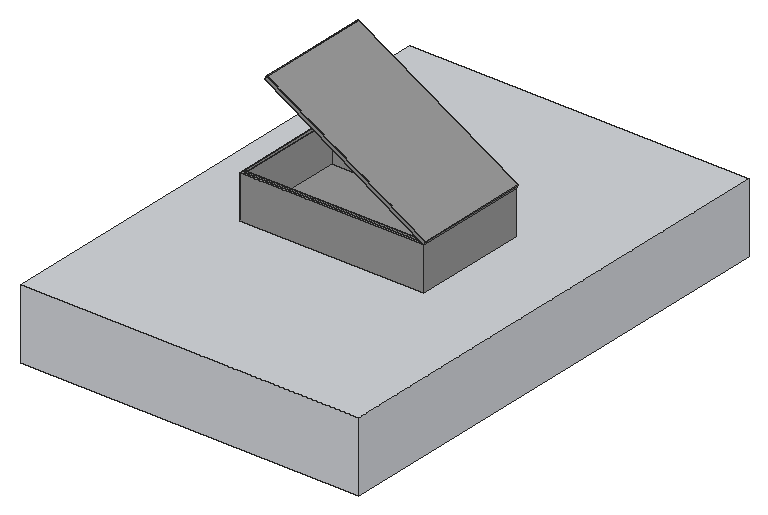
Revit family "Hager-Univers-IP54-D205-H500-Cl.II-Encl-DE-de", category Equipement électrique, Revit 2020
Family settings
  Hôte = Face
  Configuration du panneau = Deux colonnes, circuits au sein
  Cote de connecteur circulaire = Utiliser le diamètre
  Type d'élément = Tableau de raccordement
  Couper avec des vides une fois chargée = Non
  Partagée = Non
  Point de calcul de pièce = Non
Parameters (values of type "Aufputz IP54 B800 H500 T205  - FP33SW2")
  Width Control [instance] = if([EF000008 - Breite] > Min Width, [EF000008 - Breite], Min Width)  # 800 mm
  Commentaires du type = [HG000003 - Bereich]  # "Univers"
  Thickness Door [instance] = if([EF009171 - Materialstärke Tür/Deckel] > 3 mm, 3 mm, [EF009171 - Materialstärke Tür/Deckel])  # 1 mm
  Seal Frame Offset [instance] = 17 mm  # constant formula
  Plinth Visibility [instance] = [HG000027 - Sockelhöhe] > 0 mm  # no
  Model = ""
  Min Width [instance] = 100 mm  # constant formula
  Min Height [instance] = 100 mm  # constant formula
  Min Depth [instance] = (2 * [EF009170 - Materialstärke Gehäuse]) + 1 mm  # 3 mm
  Internal Frame Depth [instance] = (Door System Depth * 0.5)  # 9 mm
  Height Control [instance] = if([EF000040 - Höhe] > Min Height, [EF000040 - Höhe], Min Height)  # 500 mm
  HG000027 - Sockelhöhe = 0 mm
  HG000026 - Stehend auf dem Boden = no
  HG000024 - Höhe des unteren Teils = 800 mm
  HG000023 - Gehäuse mit doppeltem Querschnitt = no
  HG000016 - 3D-Türsichtbarkeit [instance] = yes
  HG000015 - Sichtbarkeit der Türöffnung [instance] = no
  HG000014 - Tür rechts [instance] = yes
  HG000013 - Tür links [instance] = not([HG000014 - Tür rechts])  # no
  HG000012 - Türschwenkwinkel [instance] = 30.00°
  HG000010 - Asymmetrische Türen = no
  HG000009 - Doppelflügeligen Tür = no
  HG000006 - Unterputz = no
  HG000004 - Herstellerreferenz = "FP33SW2"
  HG000003 - Bereich = "Univers"
  HG000002 - Mit tür = yes
  Frame Offset Bottom [instance] = 10 mm  # constant formula
  Frame Offset [instance] = 15 mm  # constant formula
  EF015940 - Deckel mit Überdruckentlastung = no
  EF011959 - Schutzart (NEMA) = ""
  EF009554 - Anzahl der Öffnungen für Flanschplatten = 6
  Fabricant = "Hager"  # constant formula
  EF009212 - Ausführung Deckel = "EV000116 - geschlossen"
  EF009171 - Materialstärke Tür/Deckel = 1 mm
  EF009170 - Materialstärke Gehäuse = 1 mm
  EF008873 - Nennstrom (In) = 250 A
  EF007800 - Geeignet für Blitzschutz = no
  EF006306 - Mit Schloss = no
  EF006244 - Transparenter Deckel/Tür = no
  EF005474 - Schutzart (IP) = "EV006419 - IP54"
  EF004464 - Art der Tür = "EV002646 - Einzel"
  EF004427 - Anzahl der Module = 108
  EF004293 - Schlagfestigkeit = "EV006815 - IK09"
  EF003532 - Geeignet für Außengebrauch = no
  EF002950 - Breite in Teilungseinheiten = 36
  EF001613 - Funktionserhalt = "EV000494 - ohne"
  EF001596 - Werkstoff des Gehäuses = "EV000179 - Stahl"
  EF001131 - Innentiefe = 143 mm
  EF001088 - Anbaumöglichkeit = yes
  EF000437 - Anzahl der Leitungseinführungen = 6
  EF000339 - Art der Abdeckung = "EV001012 - Deckel"
  EF000266 - Anzahl der Reihen = 3
  EF000218 - Einbautiefe = 205 mm
  EF000118 - Mit Montageplatte = no
  EF000116 - RAL-Nummer = "9010"
  EF000049 - Tiefe = 205 mm
  EF000040 - Höhe = 500 mm
  EF000008 - Breite = 800 mm
  EF000007 - Farbe = "EV000202 - weiß"
  EF000003 - Montageart = "EV000384 - Aufputz"
  Door System Leaf Tolerance [instance] = 1.5 mm  # constant formula
  Door System Depth [instance] = 18 mm  # constant formula
  Door Height [instance] = Height Control - [HG000027 - Sockelhöhe]  # 500 mm
  Depth Control [instance] = if([EF000049 - Tiefe] > Min Depth, [EF000049 - Tiefe], Min Depth)  # 205 mm
  Default Elevation = 0 mm
  Connector Offset [instance] = Height Control / 2  # 250 mm
  Bottom Top Plate Trim [instance] = 1.5 mm  # constant formula
  Plinth height Ctrl [instance] = if([HG000027 - Sockelhöhe] > 0 mm, [HG000027 - Sockelhöhe], 12 mm)  # 12 mm
Types (5, lengths in mm): name | Width Control | HG000010 - Asymmetrische Türen | HG000009 - Doppelflügeligen Tür | HG000004 - Herstellerreferenz | EF009554 - Anzahl der Öffnungen für Flanschplatten | EF004464 - Art der Tür | EF004427 - Anzahl der Module | EF002950 - Breite in Teilungseinheiten | EF000437 - Anzahl der Leitungseinführungen | EF000008 - Breite
  Aufputz IP54 B1050 H500 T205  - FP34SW2 | 1050 | no | yes | "FP34SW2" | 8 | "EV003602 - Doppel" | 144 | 48 | 8 | 1050
  Aufputz IP54 B1300 H500 T205  - FP35SW2 | 1300 | yes | yes | "FP35SW2" | 10 | "EV003602 - Doppel" | 180 | 60 | 10 | 1300
  Aufputz IP54 B300 H500 T205  - FP31SW2 | 300 | no | no | "FP31SW2" | 2 | "EV002646 - Einzel" | 36 | 12 | 2 | 300
  Aufputz IP54 B550 H500 T205  - FP32SW2 | 550 | no | no | "FP32SW2" | 4 | "EV002646 - Einzel" | 72 | 24 | 4 | 550
  Aufputz IP54 B800 H500 T205  - FP33SW2 | 800 | no | no | "FP33SW2" | 6 | "EV002646 - Einzel" | 108 | 36 | 6 | 800
Reference planes
  plane 1 "Center (Front/Back)": y = 0
  plane 2: z = 0
  plane 3 "Center (Left/Right)": x = 0
  plane 4: z = 205
  plane 5: y = 1
  plane 6: y = 250
  plane 7: y = 0
  plane 8: y = 500
  plane 9: z = 0
  plane 10: x = -385
  plane 11: x = 385
  plane 12: x = 384
  plane 13: x = -384
  plane 14: y = 499
  plane 15: x = -383
  plane 16: x = -400
  plane 17: x = 383
  plane 18: x = 400
  plane 19: x = 399
  plane 20: x = -399
  plane 21: y = 11
  plane 22: y = 500
  plane 23: y = 484
  plane 24: z = 187
  plane 25: z = 1
  plane 26: z = 186
  plane 27: z = 204
Forms (mm)
  Extrusion 1, solid
    sketch origin (0, 0, 0) x (1, 0, 0) y (0, 1, 0)
      loop
        line (-702.964, 1305) -> (-702.964, -811.445) -> (766.763, -811.445) -> (766.763, 1305) -> (-702.964, 1305)
    from 0 to -304.8
  Extrusion 2, solid, material "Hager_Steel_RAL7035_Light_Grey", visible <- "Plinth Visibility", detail levels medium+fine
    sketch origin (0, 0, 0) x (1, 0, 0) y (0, 1, 0)
      loop
        line (-400, 0) -> (400, 0) -> (400, 12) -> (-400, 12) -> (-400, 0)
    from 0 to 187
  Extrusion 3, solid, material "Hager_Steel_RAL7035_Light_Grey", detail levels medium+fine
    sketch origin (0, 0, 0) x (1, 0, 0) y (0, 1, 0)
      loop
        line (-400, 0) -> (400, 0) -> (400, 500) -> (-400, 500) -> (-400, 0)
    from 0 to 187
  Extrusion 4, void
    sketch origin (0, 0, 0) x (1, 0, 0) y (0, 1, 0)
      loop
        line (-399, 1) -> (399, 1) -> (399, 499) -> (-399, 499) -> (-399, 1)
    from 1 to 186
  Extrusion 5, void
    sketch origin (-381.607, -4572, 187) x (0, -1, 0) y (-1, 0, 0)
      loop
        line (-4583, 2.393) -> (-5056, 2.393) -> (-5056, -765.607) -> (-4583, -765.607) -> (-4583, 2.393)
    from 0 to 1 <- "EF009170 - Materialstärke Gehäuse"
  Extrusion 6, solid, material "Hager_Steel_RAL7035_Light_Grey", detail levels fine
    sketch origin (0, 0, 187) x (1, 0, 0) y (0, 1, 0)
      loop
        line (-384, 484) -> (-384, 11) -> (384, 11) -> (384, 484) -> (-384, 484)
      loop
        line (-385, 10) -> (385, 10) -> (385, 485) -> (-385, 485) -> (-385, 10)
    from 0 to 9 <- "Internal Frame Depth"
  Extrusion 7, solid, material "Hager_Steel_RAL7035_Light_Grey", detail levels coarse
    sketch origin (0, 0, 0) x (1, 0, 0) y (0, 1, 0)
      loop
        line (-400, 0) -> (400, 0) -> (400, 500) -> (-400, 500) -> (-400, 0)
    from 0 to 205
  Sweep 8, void
    path in 3D
      loop
        line (-400, 12, 0) -> (400, 12, 0) -> (400, 12, 187) -> (-400, 12, 187) -> (-400, 12, 0)
    profile origin (-400, 12, 93.5) x (-1, 0, 0) y (0, -1, 0)
      loop
        line (0, 0) -> (0, 1.5) -> (-1.5, 1.5)
        arc (-1.5, 1.5) -> (-1.061, 0.439) -> (0, 0) r 1.5
Cuts and joins
  Extrusion 4, Extrusion 5 cuts Extrusion 3
  Sweep 8 cuts Extrusion 2
Lines and regions (mm)
  Masking region 1
    outline origin (0, 0, 0) x (1, 0, 0) y (0, 0, 1)
      loop
        line (-400, 205) -> (-400, 0) -> (400, 0) -> (400, 205) -> (-400, 205)
  Masking region 2, detail levels medium+fine
    outline origin (0, 140, 0) x (0, 1, 0) y (0, 0, 1)
      loop
        line (-140, 0) -> (360, 0) -> (360, 187) -> (-140, 187) -> (-140, 0)
  Masking region 3, not visible, detail levels medium+fine
    outline origin (0, 297.922, 0) x (0, 1, 0) y (0, 0, 1)
      loop
        line (-36.422, 0) -> (3.578, 0) -> (3.578, 194)
        arc (3.578, 194) -> (0.649, 201.071) -> (-6.422, 204) r 10
        line (-6.422, 204) -> (-36.422, 204) -> (-36.422, 0)
  Masking region 4, detail levels coarse
    outline origin (0, 0, 180) x (0, 1, 0) y (0, 0, 1)
      loop
        line (0, -180) -> (500, -180) -> (500, 25) -> (0, 25) -> (0, -180)
  Masking region 5, visible <- "Plinth Visibility", detail levels medium+fine
    outline origin (0, 52.24, 12.345) x (0, 0, -1) y (0, 1, 0)
      loop
        line (10.845, -40.24) -> (-173.155, -40.24)
        arc (-173.155, -40.24) -> (-173.594, -41.301) -> (-174.655, -41.74) r 1.5
        line (-174.655, -41.74) -> (-174.655, -52.24) -> (12.345, -52.24) -> (12.345, -41.74)
        arc (12.345, -41.74) -> (11.285, -41.301) -> (10.845, -40.24) r 1.5
  Masking region 6, detail levels medium+fine
    outline origin (-381.607, -4572, 187) x (-1, 0, 0) y (0, -1, 0)
      loop
        line (18.393, -5072) -> (18.393, -4572) -> (-781.607, -4572) -> (-781.607, -5072) -> (18.393, -5072)
  Masking region 7, visible <- "Plinth Visibility", detail levels medium+fine
    outline origin (-381.607, -4727, 187) x (-1, 0, 0) y (0, -1, 0)
      loop
        arc (16.893, -4739) -> (17.332, -4737.939) -> (18.393, -4737.5) r 1.5
        line (18.393, -4737.5) -> (18.393, -4727) -> (-781.607, -4727) -> (-781.607, -4737.5)
        arc (-781.607, -4737.5) -> (-780.546, -4737.939) -> (-780.107, -4739) r 1.5
        line (-780.107, -4739) -> (16.893, -4739)
  Masking region 8, detail levels coarse
    outline origin (-442.548, -4669.526, 187) x (-1, 0, 0) y (0, -1, 0)
      loop
        line (-42.548, -5169.526) -> (-42.548, -4669.526) -> (-842.548, -4669.526) -> (-842.548, -5169.526) -> (-42.548, -5169.526)
  sketch lines
    curve 1: line (-400, 12, 187) -> (-400, 12, 0)
    curve 2: line (400, 12, 187) -> (-400, 12, 187)
    curve 3: line (400, 12, 187) -> (400, 12, 0)
    curve 4: line (-400, 12, 0) -> (400, 12, 0)
Dimensions and locks
  "Depth Control": plane 4 to Extrusion 1
  "HG000027 - Sockelhöhe": plane 1 "Center (Front/Back)" to plane 7
  "EF009170 - Materialstärke Gehäuse": plane 5 to plane 7
  locked: connector elem to plane 3 "Center (Left/Right)"
  equal spacing: plane 8, plane 6, plane 7
  locked: connector elem to plane 6
  "EF009170 - Materialstärke Gehäuse": plane 8 to plane 14
  "EF009170 - Materialstärke Gehäuse": plane 10 to plane 13
  "EF009170 - Materialstärke Gehäuse": plane 12 to plane 11
  "Frame Offset": plane 20 to plane 13
  "Frame Offset": plane 12 to plane 19
  "EF009170 - Materialstärke Gehäuse": plane 16 to plane 20
  "EF009170 - Materialstärke Gehäuse": plane 19 to plane 18
  "Seal Frame Offset": plane 16 to plane 15
  "Seal Frame Offset": plane 17 to plane 18
  "Frame Offset Bottom": plane 21 to plane 5
  "Frame Offset": plane 14 to plane 23
  equal spacing: plane 16, plane 3 "Center (Left/Right)", plane 18
  "Width Control": plane 16 to plane 18
  "EF009170 - Materialstärke Gehäuse": plane 4 to plane 27
  "EF009170 - Materialstärke Gehäuse": plane 24 to plane 26
  "EF009170 - Materialstärke Gehäuse": plane 25 to level
  "Door System Depth": plane 4 to plane 24
  "Height Control": plane 1 "Center (Front/Back)" to Extrusion 7 sketch curve
  "Height Control": Masking region 4 sketch curve to plane 1 "Center (Front/Back)"
  "Height Control": plane 1 "Center (Front/Back)" to plane 22
  "Bottom Top Plate Trim": profile plane to Sweep 8 sketch curve
  "Bottom Top Plate Trim": Sweep 8 sketch curve to profile plane
  "Plinth height Ctrl": plane 1 "Center (Front/Back)" to Extrusion 2 sketch curve
  "Plinth height Ctrl": Masking region 5 sketch curve to plane 1 "Center (Front/Back)"
  "Plinth height Ctrl": plane 1 "Center (Front/Back)" to Masking region 7 sketch curve
  "Thickness Door": Extrusion 6 sketch curve to Extrusion 6 sketch curve  (x3)
  "Thickness Door": cut or joined group of Extrusion 3, Extrusion 4, Extrusion 5 to Extrusion 6 sketch curve
  radius of Masking region 3 sketch curve = 10 mm
  "Bottom Top Plate Trim": radius of Masking region 5 sketch curve  (x2)
  "Bottom Top Plate Trim": radius of Sweep 8 sketch curve
  "Bottom Top Plate Trim": radius of Masking region 7 sketch curve  (x2)
  aligned and locked: plane 2 to Extrusion 1
  aligned and locked: level to Extrusion 1
  aligned and locked: level to Masking region 1 sketch curve
  aligned and locked: Masking region 1 sketch curve to plane 18
  aligned and locked: Masking region 1 sketch curve to plane 16
  aligned and locked: plane 7 to Masking region 2 sketch curve
  aligned and locked: level to Masking region 3 sketch curve
  aligned and locked: Masking region 3 sketch curve to plane 27
  aligned and locked: level to Masking region 2 sketch curve
  aligned and locked: plane 1 "Center (Front/Back)" to Extrusion 2 sketch curve
  aligned and locked: Extrusion 3 sketch curve to plane 7
  aligned and locked: plane 16 to Extrusion 3 sketch curve
  aligned and locked: plane 18 to Extrusion 3 sketch curve
  aligned and locked: plane 20 to Extrusion 4 sketch curve
  aligned and locked: plane 19 to Extrusion 4 sketch curve
  aligned and locked: Extrusion 4 sketch curve to plane 5
  aligned and locked: Extrusion 4 to plane 25
  aligned and locked: plane 26 to Extrusion 4
  aligned and locked: plane 24 to Extrusion 3
  aligned and locked: Extrusion 5 sketch curve to plane 21
  aligned and locked: Extrusion 5 sketch curve to plane 13
  aligned and locked: Extrusion 5 sketch curve to plane 12
  aligned and locked: plane 18 to Extrusion 7 sketch curve
  aligned and locked: plane 1 "Center (Front/Back)" to Extrusion 7 sketch curve
  aligned and locked: plane 16 to Extrusion 7 sketch curve
  aligned and locked: plane 4 to Extrusion 7
  aligned and locked: Extrusion 7 to level
  aligned and locked: level to Masking region 4 sketch curve
  aligned and locked: Masking region 4 sketch curve to plane 1 "Center (Front/Back)"
  aligned and locked: Masking region 4 sketch curve to plane 4
  aligned and locked: nested 1 to level
  aligned and locked: nested 1 to plane 16
  aligned and locked: plane 8 to Extrusion 3 sketch curve
  aligned and locked: plane 23 to Extrusion 5 sketch curve
  aligned and locked: plane 14 to Extrusion 4 sketch curve
  aligned and locked: Masking region 2 sketch curve to plane 8
  aligned and locked: level to Masking region 5 sketch curve
  aligned and locked: plane 16 to Extrusion 2 sketch curve
  aligned and locked: plane 18 to Extrusion 2 sketch curve
  aligned and locked: Masking region 5 sketch curve to plane 24
  aligned and locked: Masking region 2 sketch curve to plane 24
  aligned and locked: plane 24 to Extrusion 2
  aligned and locked: profile plane to Sweep 8 sketch curve  (x2)
  aligned and locked: Masking region 6 sketch curve to plane 18
  aligned and locked: Masking region 6 sketch curve to plane 22
  aligned and locked: Masking region 6 sketch curve to plane 16
  aligned and locked: plane 8 to plane 22
  aligned and locked: Masking region 6 sketch curve to plane 7
  aligned and locked: Masking region 7 sketch curve to plane 16
  aligned and locked: Masking region 7 sketch curve to plane 1 "Center (Front/Back)"
  aligned and locked: Masking region 7 sketch curve to plane 18
  aligned and locked: Masking region 8 sketch curve to plane 1 "Center (Front/Back)"
  aligned and locked: Masking region 8 sketch curve to plane 18
  aligned and locked: Masking region 8 sketch curve to plane 22
  aligned and locked: Masking region 8 sketch curve to plane 16
  aligned and locked: nested 2 to plane 7
  aligned and locked: plane 3 "Center (Left/Right)" to nested 2
  aligned and locked: nested 2 to plane 24
  aligned and locked: Extrusion 6 sketch curve to cut or joined group of Extrusion 3, Extrusion 4, Extrusion 5  (x4)
Automatic sketch dimensions
  Extrusion 1 sketch curve to Extrusion 1 sketch curve = 1469.727 mm
  Extrusion 1 sketch curve to Extrusion 1 sketch curve = 2116.445 mm
  Masking region 1 sketch curve to plane 4 = 0 mm
  plane 6 to Masking region 3 sketch curve = 11.5 mm
  Masking region 3 sketch curve to Masking region 3 sketch curve = 30 mm
  Masking region 5 sketch curve to plane 1 "Center (Front/Back)" = 0 mm
Nested families
  nested 1: "Hager_Enclosure_Symbol" at (-400, 0, 0) x (1, 0, 0) z (0, -1, 0), Height <- "Depth Control", Width <- "Width Control", type "Hager_Enclosure_Symbol"
    with Width_Ctrl 800 mm, Width 800 mm, Height_Ctrl 205 mm, Height 205 mm, A_Width_Int 13.453 mm, A_Width 161.438 mm, A_Height_Ctrl 179.375 mm, A_Height 179.375 mm
  nested 2: "EC000058_Univers_Door" at (0, 0, 187) x (1, 0, 0) z (0, 1, 0), Leaf_Tolerance <- "Door System Leaf Tolerance", Angle <- "HG000012 - Türschwenkwinkel", Door_Depth <- "Door System Depth", Door_Left <- "HG000013 - Tür links", Transparent <- "EF006244 - Transparenter Deckel/Tür", Assymetrical <- "HG000010 - Asymmetrische Türen", Width <- "Width Control", Clearance <- "HG000015 - Sichtbarkeit der Türöffnung", Double <- "HG000009 - Doppelflügeligen Tür", 3d_Door <- "HG000016 - 3D-Türsichtbarkeit", Lock_Visibility <- "EF006306 - Mit Schloss", Width_Ctrl <- "Width Control", Door_Right <- "HG000014 - Tür rechts", Door <- "HG000002 - Mit tür", Height <- "Door Height", Thickness <- "Thickness Door", type "EC000058_Univers_Door", detail levels medium+fine
    with min_wh 3 mm, Width_Ctrl 800 mm, Width 800 mm, Transparent no, Thickness 1 mm, Seal_Material Hager_Rubber, Lock_Visibility no, Lock_Material Hager_Plastic_RAL9005_Jet_Black, Leaf_Width 800 mm, Leaf_Tolerance_External_Sides 0 mm, Leaf_Tolerance 1.5 mm, Leaf_Offset 0 mm, Leaf_Height 497 mm, Leaf_2_Width 800 mm, Leaf_2_Offset 400 mm, Leaf_1_Width 800 mm, Leaf_1_Offset 400 mm, Height_Ctrl 500 mm, Height 500 mm, Glass_Material Hager_Glass, Double_Clearance_Ctrl no, Double no, Door_Right_Ctrl yes, Door_Right yes, Door_Material Hager_Steel_RAL7035_Light_Grey, Door_Left_Ctrl no, Door_Left no, Door_Depth 18 mm, Door yes, Clearance_Material Hager_Clearance, Clearance_Depth 800 mm, Clearance_Ctrl no, Clearance no, Assymetrical no, Angle 30.00°, 3d_Door yes
Connectors
  electrical at (0, 250, 0)
    settings: on plane 9, index 1, voltage 0 V, apparent load 0 VA, apparent load phase1 0 VA, apparent load phase2 0 VA, apparent load phase3 0 VA, power factor 1, load classification "Other", number of poles 1, system type 30, power factor state 1, is connector primary yes, connector utility no, sub classification motor no, connector description ""
Definition of nested family "EC000058_Univers_Door"
  Parameters (values of type "EC000058_Univers_Door")
    min_wh [instance] = (2 * Thickness) + 1 mm  # 11 mm
    Width_Ctrl [instance] = 400 mm
    Width [instance] = 500 mm
    Transparent [instance] = yes
    Thickness [instance] = 5 mm
    Seal_Material [instance] = none
    Lock_Visibility [instance] = yes
    Lock_Material [instance] = none
    Leaf_Width [instance] = if((Width_Ctrl - 2 * Leaf_Tolerance_External_Sides) > 0 mm, (Width_Ctrl - 2 * Leaf_Tolerance_External_Sides), min_wh)  # 400 mm
    Leaf_Tolerance_External_Sides [instance] = 0 mm  # constant formula
    Leaf_Tolerance [instance] = 1.5 mm
    Leaf_Offset [instance] = 0 mm  # constant formula
    Leaf_Height [instance] = if((Height_Ctrl - 2 * Leaf_Tolerance) > 0 mm, (Height_Ctrl - 2 * Leaf_Tolerance), min_wh)  # 497 mm
    Leaf_2_Width [instance] = if(and(and(Double, Assymetrical), Door_Left), (Leaf_Width / 3) - (Leaf_Tolerance / 2), if(and(and(Double, Assymetrical), Door_Right), (Leaf_Width / 3) * 2 - (Leaf_Tolerance / 2), if(and(Double, not(Assymetrical)), (Leaf_Width / 2) - Leaf_Tolerance, Leaf_Width)))  # 400 mm
    Leaf_2_Offset [instance] = if(and(Double, Assymetrical), Leaf_2_Width / 2, if(and(Double, not(Assymetrical)), Leaf_Width / 4, Leaf_Width / 2))  # 200 mm
    Leaf_1_Width [instance] = if(and(and(Double, Assymetrical), Door_Right), (Leaf_Width / 3) - (Leaf_Tolerance / 2), if(and(and(Double, Assymetrical), Door_Left), (Width / 3) * 2 - (Leaf_Tolerance / 2), if(and(Double, not(Assymetrical)), (Leaf_Width / 2) - Leaf_Tolerance, Leaf_Width)))  # 400 mm
    Leaf_1_Offset [instance] = if(and(Double, Assymetrical), Leaf_1_Width / 2, if(and(Double, not(Assymetrical)), Leaf_Width / 4, Leaf_Width / 2))  # 200 mm
    Height_Ctrl [instance] = if(Height > min_wh, Height, min_wh)  # 500 mm
    Height [instance] = 500 mm
    Glass_Material [instance] = none
    Double_Clearance_Ctrl [instance] = and(Double, Clearance)  # no
    Double [instance] = no
    Door_Right_Ctrl [instance] = and(or(Door_Right, Double), Door)  # yes
    Door_Right [instance] = yes
    Door_Material [instance] = none
    Door_Left_Ctrl [instance] = and(or(Door_Left, Double), Door)  # no
    Door_Left [instance] = no
    Door_Depth [instance] = 30 mm
    Door [instance] = yes
    Default Elevation = 1219.2 mm
    Clearance_Material [instance] = none
    Clearance_Depth [instance] = if(Leaf_1_Width > Leaf_2_Width, Leaf_1_Width, Leaf_2_Width)  # 400 mm
    Clearance_Ctrl [instance] = and(not(Double), Clearance)  # yes
    Clearance [instance] = yes
    Assymetrical [instance] = yes
    Angle [instance] = 30.00°
    3d_Door [instance] = yes
  Reference planes
    plane 1 "Center (Front/Back)": y = 0
    plane 2 "Bottom": z = 0
    plane 3 "Center (Left/Right)": x = 0
    plane 4: z = 500
    plane 5: x = -200
    plane 6: x = 200
    plane 7: z = 500
    plane 8: x = -200
    plane 9: z = 0
    plane 10: x = 200
    plane 11: y = 0
    plane 12: z = 1.5
    plane 13: x = -600
    plane 14: y = -400
    plane 15: x = 600
    plane 16: x = 0
    plane 17: x = 0
    plane 18: x = -200
    plane 19: x = 200
    plane 20: z = 498.5
  Forms (mm)
    Extrusion 1, solid, material <- "Clearance_Material", visible <- "Double_Clearance_Ctrl"
      sketch origin (1200, 0, 0) x (1, 0, 0) y (0, 0, -1)
        loop
          line (-1800, -498.5) -> (-600, -498.5) -> (-600, 0) -> (-1800, 0) -> (-1800, -498.5)
      from 0 to -400
  Dimensions and locks
    equal spacing: plane 5, plane 3 "Center (Left/Right)", plane 6
    "Width_Ctrl": plane 5 to plane 6
    "Leaf_Offset": plane 5 to plane 8
    "Leaf_Offset": plane 6 to plane 10
    "Leaf_Offset": plane 9 to level
    "Leaf_Offset": plane 4 to plane 7
    "Height_Ctrl": plane 4 to level
    "Leaf_Tolerance": plane 12 to plane 9
    locked: plane 11 to plane 1 "Center (Front/Back)"
    "Leaf_1_Offset": plane 18 to plane 16
    "Leaf_2_Offset": plane 17 to plane 19
    "Leaf_1_Width": plane 13 to plane 8
    "Leaf_2_Width": plane 10 to plane 15
    "Clearance_Depth": plane 14 to plane 1 "Center (Front/Back)"
    "Leaf_Tolerance_External_Sides": plane 8 to plane 18
    "Leaf_Tolerance_External_Sides": plane 19 to plane 10
    "Leaf_Tolerance": plane 7 to plane 20
    aligned and locked: level to plane 2 "Bottom"
    aligned and locked: nested 1 to plane 16
    aligned and locked: nested 2 to plane 17
    aligned and locked: Extrusion 1 to plane 13
    aligned and locked: plane 15 to Extrusion 1
    aligned and locked: Extrusion 1 to plane 14
    aligned and locked: plane 12 to nested 1
    aligned and locked: nested 2 to plane 12
    aligned and locked: Extrusion 1 to plane 11
    aligned and locked: plane 20 to Extrusion 1
    aligned and locked: nested 2 to plane 11
    aligned and locked: nested 1 to plane 11
  Automatic sketch dimensions
    Extrusion 1 sketch curve to level = 0 mm
    plane 5 to Extrusion 1 sketch curve = 400 mm
    plane 6 to Extrusion 1 sketch curve = 400 mm
    Extrusion 1 sketch curve to plane 4 = 1.5 mm
  Nested families
    nested 1: "EC000058_Univers_Door_Leaf" at (0, 0, 1.5), Width <- "Leaf_1_Width", visible <- "Door_Left_Ctrl", Leaf_Height <- "Leaf_Height", Angle <- "Angle", 3d_Door <- "3d_Door", Transparent <- "Transparent", Clearance Material <- "Clearance_Material", Clearance <- "Clearance_Ctrl", Door_Material <- "Door_Material", Glass_Material <- "Glass_Material", Door_Depth <- "Door_Depth", Lock_Material <- "Lock_Material", Seal_Material <- "Seal_Material", Lock_Visibility <- "Lock_Visibility", Thickness <- "Thickness", type "EC000058_Univers_Door_Leaf"
      with Width 400 mm, Transparent_Glass_Offset 30 mm, Transparent_Ctrl yes, Transparent yes, Thickness 5 mm, Standard no, Seal_Material none, Seal_D2 8 mm, Seal_D1 1 mm, Offset_Internal_Frame 10 mm, Lock_Width 20 mm, Lock_Visibility_3d yes, Lock_Visibility yes, Lock_Thickness_3 3 mm, Lock_Thickness_2 1 mm, Lock_Thickness_1 3 mm, Lock_Radius_Offset_2 16 mm, Lock_Radius_Offset_1 15 mm, Lock_Radius_2 5 mm, Lock_Radius 6 mm, Lock_Offset 5 mm, Lock_Material none, Lock_Height 80 mm, Lock_Cover_Top_Offset_2d 17 mm, Lock_Cover_Height -65 mm, Leaf_Height 497 mm, Internal_Seal_Thickness 8 mm, Internal_Seal_Depth_2 4.5 mm, Internal_Frame_Depth 25 mm, Glass_Thickness -1 mm, Glass_Offset -2 mm, Glass_Material none, Door_Material none, Door_Depth 30 mm, Clearance Material none, Clearance yes, Angle_Ctrl 30.00°, Angle 30.00°, 3d_Door yes
    nested 2: "EC000058_Univers_Door_Leaf" at (0, 0, 1.5) x (-1, 0, 0) z (0, 0, 1), Width <- "Leaf_2_Width", visible <- "Door_Right_Ctrl", Leaf_Height <- "Leaf_Height", Angle <- "Angle", 3d_Door <- "3d_Door", Transparent <- "Transparent", Clearance Material <- "Clearance_Material", Clearance <- "Clearance_Ctrl", Door_Material <- "Door_Material", Glass_Material <- "Glass_Material", Door_Depth <- "Door_Depth", Lock_Material <- "Lock_Material", Seal_Material <- "Seal_Material", Lock_Visibility <- "Lock_Visibility", Thickness <- "Thickness", type "EC000058_Univers_Door_Leaf"
      with Width 400 mm, Transparent_Glass_Offset 30 mm, Transparent_Ctrl yes, Transparent yes, Thickness 5 mm, Standard no, Seal_Material none, Seal_D2 8 mm, Seal_D1 1 mm, Offset_Internal_Frame 10 mm, Lock_Width 20 mm, Lock_Visibility_3d yes, Lock_Visibility yes, Lock_Thickness_3 3 mm, Lock_Thickness_2 1 mm, Lock_Thickness_1 3 mm, Lock_Radius_Offset_2 16 mm, Lock_Radius_Offset_1 15 mm, Lock_Radius_2 5 mm, Lock_Radius 6 mm, Lock_Offset 5 mm, Lock_Material none, Lock_Height 80 mm, Lock_Cover_Top_Offset_2d 17 mm, Lock_Cover_Height -65 mm, Leaf_Height 497 mm, Internal_Seal_Thickness 8 mm, Internal_Seal_Depth_2 4.5 mm, Internal_Frame_Depth 25 mm, Glass_Thickness -1 mm, Glass_Offset -2 mm, Glass_Material none, Door_Material none, Door_Depth 30 mm, Clearance Material none, Clearance yes, Angle_Ctrl 30.00°, Angle 30.00°, 3d_Door yes
  Definition of nested family "EC000058_Univers_Door_Leaf"
    Parameters (values of type "EC000058_Univers_Door_Leaf")
      Width [instance] = 2000 mm
      Transparent_Glass_Offset [instance] = 30 mm
      Transparent_Ctrl [instance] = and(Transparent, [3d_Door])  # yes
      Transparent [instance] = yes
      Thickness [instance] = 5 mm
      Standard [instance] = and(not(Transparent), [3d_Door])  # no
      Seal_Material [instance] = none
      Seal_D2 [instance] = 8 mm  # constant formula
      Seal_D1 [instance] = 1 mm  # constant formula
      Offset_Internal_Frame [instance] = 10 mm  # constant formula
      Lock_Width [instance] = 20 mm  # constant formula
      Lock_Visibility_3d [instance] = and(Lock_Visibility, [3d_Door])  # yes
      Lock_Visibility [instance] = yes
      Lock_Thickness_3 [instance] = 3 mm  # constant formula
      Lock_Thickness_2 [instance] = 1 mm  # constant formula
      Lock_Thickness_1 [instance] = 3 mm  # constant formula
      Lock_Radius_Offset_2 [instance] = Lock_Radius_Offset_1 + 1 mm  # 16 mm
      Lock_Radius_Offset_1 [instance] = 15 mm  # constant formula
      Lock_Radius_2 [instance] = Lock_Radius - 1 mm  # 5 mm
      Lock_Radius [instance] = 6 mm  # constant formula
      Lock_Offset [instance] = 5 mm  # constant formula
      Lock_Material [instance] = none
      Lock_Height [instance] = 80 mm  # constant formula
      Lock_Cover_Top_Offset_2d [instance] = Lock_Radius_Offset_2 + 1 mm  # 17 mm
      Lock_Cover_Height [instance] = -(Lock_Height - Lock_Radius_Offset_1)  # -65 mm
      Leaf_Height [instance] = 2720.336 mm
      Internal_Seal_Thickness [instance] = 8 mm  # constant formula
      Internal_Seal_Depth_2 [instance] = 4.5 mm  # constant formula
      Internal_Frame_Depth [instance] = if(Door_Depth - Thickness > 5 mm, Door_Depth - Thickness, 5 mm)  # 25 mm
      Glass_Thickness [instance] = if(Thickness > 15 mm, Glass_Offset + 10 mm, -1 mm)  # -1 mm
      Glass_Offset [instance] = if(Thickness > 15 mm, -(Thickness + 10 mm) / 2, -2 mm)  # -2 mm
      Glass_Material [instance] = none
      Door_Material [instance] = none
      Door_Depth [instance] = 30 mm
      Default Elevation = 0 mm
      Clearance Material [instance] = none
      Clearance [instance] = yes
      Angle_Ctrl [instance] = if(Angle > 180.00°, 180.00°, Angle)  # 90.00°
      Angle [instance] = 90.00°
      3d_Door [instance] = yes
    Reference planes
      plane 1 "Center (Front/Back)": y = 0
      plane 2: z = 0
      plane 3 "Center (Left/Right)": x = 0
      plane 4: y = 2000
      plane 5: x = -1000
      plane 6: x = 1000
      plane 7: x = -3000
      plane 8: z = 2720.336
      plane 9: z = 30
      plane 10: z = 2690.336
      plane 11: x = 970
      plane 12: x = -970
      plane 13: y = -3
      plane 14: z = 107.833
      plane 15: y = -5
      plane 16: y = -223.314
      plane 17: x = -1000
      plane 18: z = 1360.168
      plane 19: y = 30
    Forms (mm)
      Extrusion 1, solid, material <- "Clearance Material", visible <- "Clearance"
        sketch origin (0, 0, 0) x (1, 0, 0) y (0, 0, 1)
          loop
            line (-3000, 2720.336) -> (-3000, 0) -> (1000, 0) -> (1000, 2720.336) -> (-3000, 2720.336)
        from 0 to -2000
      Extrusion 2, solid, material <- "Door_Material", visible <- "Standard", detail levels medium+fine
        sketch origin (-1000, 0, 0) x (0, 1, 0) y (-1, 0, 0)
          loop
            line (0, 30) -> (0, 25) -> (2000, 25) -> (2000, 30) -> (0, 30)
        from 0 to 2720.336 <- "Leaf_Height"
      Extrusion 3, solid, material <- "Door_Material", visible <- "Transparent_Ctrl", detail levels medium+fine
        sketch origin (-1000, 0, 0) x (0, 1, 0) y (-1, 0, 0)
          loop
            line (0, 25) -> (2000, 25) -> (2000, 30) -> (0, 30) -> (0, 25)
        from 0 to 2720.336 <- "Leaf_Height"
      Extrusion 4, void
        sketch origin (-1025, 2000, 0) x (0, 1, 0) y (0, 0, -1)
          loop
            line (-30, -2690.336) -> (-30, -30) -> (-1970, -30) -> (-1970, -2690.336) -> (-30, -2690.336)
        from 0 to 5 <- "Thickness"
      Sweep 5, solid, material <- "Seal_Material", visible <- "Transparent_Ctrl", detail levels fine
        path in 3D
          loop
            line (-1025, 30, 30) -> (-1025, 30, 2690.336) -> (-1025, 1970, 2690.336) -> (-1025, 1970, 30) -> (-1025, 30, 30)
        profile origin (-1025, 1000, 30) x (1, 0, 0) y (0, 0, 1)
          loop
            line (0, 0) -> (0, -8) -> (1, -8) -> (1, 0) -> (0, 0)
      Extrusion 6, solid, material <- "Glass_Material", visible <- "Transparent_Ctrl", detail levels medium+fine
        sketch origin (-1030, 0, 0) x (0, 1, 0) y (0, 0, -1)
          loop
            line (1970, -2690.336) -> (1970, -30) -> (30, -30) -> (30, -2690.336) -> (1970, -2690.336)
        from -2 <- "Glass_Offset" to -1 <- "Glass_Thickness"
      Extrusion 7, solid, material <- "Door_Material", visible <- "3d_Door", detail levels medium+fine
        sketch origin (-1025, 2000, 0) x (0, -1, 0) y (0, 0, -1)
          loop
            line (0, -2720.336) -> (2000, -2720.336) -> (2000, 0) -> (0, 0) -> (0, -2720.336)
          loop
            line (1995, -5) -> (5, -5) -> (5, -2715.336) -> (1995, -2715.336) -> (1995, -5)
        from 0 to 25 <- "Internal_Frame_Depth"
      Sweep 8, solid, material <- "Seal_Material", visible <- "Transparent_Ctrl", detail levels fine
        path in 3D
          loop
            line (-1025, 0, 0) -> (-1025, 2000, 0) -> (-1025, 2000, 2720.336) -> (-1025, 0, 2720.336) -> (-1025, 0, 0)
        profile origin (-1025, 0, 1360.168) x (1, 0, 0) y (0, 1, 0)
          loop
            line (0, 10) -> (2.975, 10)
            arc (2.975, 10) -> (4.053, 10.447) -> (4.5, 11.525) r 1.525
            line (4.5, 11.525) -> (4.5, 16.527)
            arc (4.5, 16.527) -> (4.069, 17.569) -> (3.027, 18) r 1.473
            line (3.027, 18) -> (0, 18) -> (0, 10)
      Extrusion 9, solid, material <- "Lock_Material", visible <- "Lock_Visibility_3d", detail levels fine
        sketch origin (-1030, 0, 0) x (0, 1, 0) y (0, 0, -1)
          loop
            arc (1993.5, -1400.168) -> (1994.561, -1399.729) -> (1995, -1398.668) r 1.5
            line (1995, -1398.668) -> (1995, -1320.168) -> (1975, -1320.168) -> (1975, -1398.668)
            arc (1975, -1398.668) -> (1975.439, -1399.729) -> (1976.5, -1400.168) r 1.5
            line (1976.5, -1400.168) -> (1993.5, -1400.168)
        from 3 <- "Lock_Thickness_1" to 0
      Blend 10, solid, material <- "Lock_Material", visible <- "Lock_Visibility_3d", detail levels fine
        base sketch origin (-1033, 0, 0) x (0, 1, 0) y (0, 0, -1)
          loop
            line (1975, -1320.168) -> (1975, -1398.668)
            arc (1975, -1398.668) -> (1975.439, -1399.729) -> (1976.5, -1400.168) r 1.5
            line (1976.5, -1400.168) -> (1993.5, -1400.168)
            arc (1993.5, -1400.168) -> (1994.561, -1399.729) -> (1995, -1398.668) r 1.5
            line (1995, -1398.668) -> (1995, -1320.168) -> (1975, -1320.168)
        top sketch origin (-1033, 0, 0) x (0, 1, 0) y (0, 0, -1)
          loop
            line (1976, -1320.168) -> (1976, -1398.668)
            arc (1976, -1398.668) -> (1976.146, -1399.022) -> (1976.5, -1399.168) r 0.5
            line (1976.5, -1399.168) -> (1993.5, -1399.168)
            arc (1993.5, -1399.168) -> (1993.854, -1399.022) -> (1994, -1398.668) r 0.5
            line (1994, -1398.668) -> (1994, -1320.168) -> (1976, -1320.168)
        from 0 to 1 <- "Lock_Thickness_2"
      Blend 11, solid, material <- "Lock_Material", visible <- "Lock_Visibility_3d", detail levels fine
        base sketch origin (-1034, 0, 0) x (0, 1, 0) y (0, 0, -1)
          loop
            line (1978, -1320.168) -> (1978, -1384.168)
            arc (1978, -1384.168) -> (1985, -1391.168) -> (1992, -1384.168) r 7
            line (1992, -1384.168) -> (1992, -1320.168) -> (1978, -1320.168)
        top sketch origin (-1034, 0, 0) x (0, 1, 0) y (0, 0, -1)
          loop
            line (1991, -1320.168) -> (1979, -1320.168) -> (1979, -1383.168)
            arc (1979, -1383.168) -> (1985, -1389.168) -> (1991, -1383.168) r 6
            line (1991, -1383.168) -> (1991, -1320.168)
        from 0 to 3 <- "Lock_Thickness_3"
      Extrusion 12, solid, material <- "Lock_Material", visible <- "Lock_Visibility_3d", detail levels fine
        sketch origin (-1030, 1975, 1320.168) x (1, 0, 0) y (0, -1, 0)
          loop
            line (-7, -19) -> (-7, -1) -> (0, -1) -> (0, 0) -> (-8, 0) -> (-8, -20) -> (0, -20) -> (0, -19) -> (-7, -19)
        from 0 to -65 <- "Lock_Cover_Height"
      Extrusion 13, void
        sketch origin (-1038, 1995, 1320.168) x (-1, 0, 0) y (0, 0, -1)
          loop
            line (-5, -65) -> (0, -65) -> (-5, -60) -> (-5, -65)
        from 0 to 20 <- "Lock_Width"
      Extrusion 14, void
        sketch origin (-1038, 1975, 1320.168) x (0, -1, 0) y (0, 0, -1)
          loop
            circle (-10, -15.995) r 6
          loop
            circle (-10, -15.995) r 5
        from 0 to 2
      Extrusion 15, solid, material <- "Lock_Material", visible <- "Lock_Visibility_3d", detail levels medium
        sketch origin (-1030, 0, 0) x (0, 1, 0) y (0, 0, -1)
          loop
            arc (1993.5, -1400.168) -> (1994.561, -1399.729) -> (1995, -1398.668) r 1.5
            line (1995, -1398.668) -> (1995, -1320.168) -> (1975, -1320.168) -> (1975, -1398.668)
            arc (1975, -1398.668) -> (1975.439, -1399.729) -> (1976.5, -1400.168) r 1.5
            line (1976.5, -1400.168) -> (1993.5, -1400.168)
        from 8 to 0
    Cuts and joins
      Extrusion 4 cuts Extrusion 3
      Extrusion 13, Extrusion 14 cuts Extrusion 9
      Extrusion 14 cuts Blend 11
      Extrusion 13, Extrusion 14 cuts Extrusion 12
      joined: Extrusion 9, Blend 10, Blend 11, Extrusion 12
      Extrusion 14 cuts Extrusion 15
    Lines and regions (mm)
      Masking region 1, visible <- "Lock_Visibility", detail levels fine
        outline origin (0, 0, 0) x (0, 1, 0) y (0, 0, 1)
          loop
            line (30, 1320.168) -> (33, 1320.168) -> (33, 1400.168) -> (30, 1400.168) -> (30, 1320.168)
      Masking region 2, visible <- "Lock_Visibility", detail levels fine
        outline origin (0, 3.143, 0) x (0, 1, 0) y (0, 0, 1)
          loop
            line (29.857, 1354.168) -> (30.857, 1354.168) -> (30.857, 1366.168) -> (29.857, 1366.168) -> (29.857, 1354.168)
      Masking region 3, detail levels medium+fine
        outline origin (0, 0, 0) x (0, 1, 0) y (0, 0, 1)
          loop
            line (0, 0) -> (30, 0) -> (30, 2720.336) -> (0, 2720.336) -> (0, 0)
      Masking region 4, detail levels medium+fine
        outline origin (0, 0, 0) x (1, 0, 0) y (0, 0, 1)
          loop
            line (-1000, 2720.336) -> (-1000, 0) -> (1000, 0) -> (1000, 2720.336) -> (-1000, 2720.336)
      Masking region 5, visible <- "Lock_Visibility", detail levels fine
        outline origin (-47.116, 0, 0) x (1, 0, 0) y (0, 0, 1)
          loop
            arc (1024.616, 1399.168) -> (1023.556, 1398.729) -> (1023.116, 1397.668) r 1.5
            line (1023.116, 1397.668) -> (1023.116, 1320.168) -> (1041.116, 1320.168) -> (1041.116, 1397.668)
            arc (1041.116, 1397.668) -> (1040.677, 1398.729) -> (1039.616, 1399.168) r 1.5
            line (1039.616, 1399.168) -> (1024.616, 1399.168)
      Masking region 6, visible <- "Lock_Visibility", detail levels medium+fine
        outline origin (-25, 0, 0) x (1, 0, 0) y (0, 0, 1)
          loop
            arc (1001.5, 1400.168) -> (1000.439, 1399.729) -> (1000, 1398.668) r 1.5
            line (1000, 1398.668) -> (1000, 1320.168) -> (1020, 1320.168) -> (1020, 1398.668)
            arc (1020, 1398.668) -> (1019.561, 1399.729) -> (1018.5, 1400.168) r 1.5
            line (1018.5, 1400.168) -> (1001.5, 1400.168)
      Masking region 7, visible <- "Lock_Visibility", detail levels fine
        outline origin (-73.735, 0, 0) x (1, 0, 0) y (0, 0, 1)
          loop
            line (1051.735, 1382.168) -> (1065.735, 1382.168) -> (1065.735, 1384.168)
            arc (1065.735, 1384.168) -> (1058.735, 1391.168) -> (1051.735, 1384.168) r 7
            line (1051.735, 1384.168) -> (1051.735, 1382.168)
      Masking region 8, visible <- "Lock_Visibility", detail levels fine
        outline origin (-73.735, 0, 0) x (1, 0, 0) y (0, 0, 1)
          loop
            line (1052.735, 1382.168) -> (1064.735, 1382.168) -> (1064.735, 1383.168)
            arc (1064.735, 1383.168) -> (1058.735, 1389.168) -> (1052.735, 1383.168) r 6
            line (1052.735, 1383.168) -> (1052.735, 1382.168)
      Masking region 9, visible <- "Lock_Visibility", detail levels fine
        outline origin (-25, 0, 0) x (1, 0, 0) y (0, 0, 1)
          loop
            line (1020, 1320.168) -> (1020, 1382.168) -> (1000, 1382.168) -> (1000, 1320.168) -> (1020, 1320.168)
      Masking region 10, detail levels medium+fine
        outline origin (0, 0, 0) x (1, 0, 0) y (0, 0, 1)
          loop
            circle (985, 1335.144) r 6
      Masking region 11, detail levels fine
        outline origin (0, 0, 0) x (1, 0, 0) y (0, 0, 1)
          loop
            circle (985, 1335.144) r 5
      Masking region 12, visible <- "Lock_Visibility", detail levels fine
        outline origin (0, 12.767, 0) x (0, 1, 0) y (0, 0, 1)
          loop
            line (20.233, 1320.168) -> (21.233, 1320.168) -> (21.233, 1399.168) -> (20.233, 1400.168) -> (20.233, 1320.168)
      Masking region 13, visible <- "Lock_Visibility", detail levels fine
        outline origin (0, 13.767, -10) x (0, 1, 0) y (0, 0, 1)
          loop
            line (20.233, 1330.168) -> (23.233, 1330.168) -> (23.233, 1399.168) -> (20.233, 1402.168) -> (20.233, 1330.168)
      Masking region 14, visible <- "Lock_Visibility", detail levels fine
        outline origin (0, 12.767, -10) x (0, 1, 0) y (0, 0, 1)
          loop
            line (20.233, 1330.168) -> (25.233, 1330.168) -> (25.233, 1399.305) -> (20.233, 1394.305) -> (20.233, 1330.168)
      Masking region 15, visible <- "Lock_Visibility", detail levels medium
        outline origin (0, 0, 0) x (0, 1, 0) y (0, 0, 1)
          loop
            line (30, 1320.168) -> (38, 1320.168) -> (38, 1400.168) -> (30, 1400.168) -> (30, 1320.168)
      Masking region 16, visible <- "Lock_Visibility", detail levels fine
        outline origin (-1000, 0, 0) x (0, 1, 0) y (-1, 0, 0)
          loop
            line (1975, 30) -> (1995, 30) -> (1995, 38) -> (1975, 38) -> (1975, 30)
          loop
            line (1979, 37) -> (1976, 37) -> (1976, 34) -> (1978, 34) -> (1979, 37)
          loop
            line (1994, 37) -> (1991, 37) -> (1992, 34) -> (1994, 34) -> (1994, 37)
      Masking region 17, visible <- "Lock_Visibility", detail levels medium
        outline origin (-1000, 0, 0) x (0, 1, 0) y (-1, 0, 0)
          loop
            line (1975, 30) -> (1995, 30) -> (1995, 38) -> (1975, 38) -> (1975, 30)
      symbolic lines
        curve 1: line (1000, 0, 0) -> (-3000, 0, 0)
        curve 2: arc (1000, 0, 0) -> (-1000, 2000, 0) -> (-3000, 0, 0) r 2000
        curve 4: line (-1030, 0, 0) -> (-1030, 2000, 0)
      reference lines
        curve 3: line (-1000, 0, 0) -> (-1000, 2000, 0)
      symbolic lines, detail levels medium+fine
        curve 5: line (-1030, 2000, 0) -> (-1025, 2000, 0)
        curve 7: line (-1025, 0, 0) -> (-1030, 0, 0)
        curve 8: line (-1025, 0, 0) -> (-1000, 0, 0)
        curve 9: line (-1000, 0, 0) -> (-1000, 2000, 0)
        curve 10: line (-1000, 2000, 0) -> (-1025, 2000, 0)
      symbolic lines, detail levels fine
        curve 6: line (-1025, 2000, 0) -> (-1025, 0, 0)
      sketch lines
        curve 11: line (-1025, 0, 2720.336) -> (-1025, 0, 0)
        curve 12: line (-1025, 2000, 0) -> (-1025, 0, 0)
        curve 13: line (-1025, 2000, 2720.336) -> (-1025, 2000, 0)
        curve 14: line (-1025, 0, 2720.336) -> (-1025, 2000, 2720.336)
        curve 15: line (-1025, 1970, 30) -> (-1025, 30, 30)
        curve 16: line (-1025, 30, 30) -> (-1025, 30, 2690.336)
        curve 17: line (-1025, 1970, 2690.336) -> (-1025, 1970, 30)
        curve 18: line (-1025, 30, 2690.336) -> (-1025, 1970, 2690.336)
      symbolic lines, visible <- "Transparent", detail levels medium+fine
        curve 19: line (-970, 0, 2690.336) -> (970, 0, 2690.336)
        curve 20: line (-970, 0, 30) -> (-970, 0, 2690.336)
        curve 21: line (970, 0, 30) -> (-970, 0, 30)
        curve 22: line (970, 0, 2690.336) -> (970, 0, 30)
    Dimensions and locks
      "Width": plane 1 "Center (Front/Back)" to plane 4
      equal spacing: plane 5, plane 3 "Center (Left/Right)", plane 6
      "Width": plane 5 to plane 6
      "Width": plane 7 to plane 5
      "Leaf_Height": plane 8 to level
      "Width": curve 5 to curve 3
      "Width": curve 3 to curve 3
      plane 8 to plane 10 = 30 mm
      plane 9 to level = 30 mm
      plane 12 to plane 5 = 30 mm
      plane 6 to plane 11 = 30 mm
      Extrusion 1 to Extrusion 4 sketch curve = 30 mm
      "Transparent_Glass_Offset": curve 3 to Extrusion 4 sketch curve
      "Transparent_Glass_Offset": Extrusion 4 sketch curve to cut or joined group of Extrusion 3, Extrusion 4  (x2)
      cut or joined group of Extrusion 3, Extrusion 4 to Extrusion 6 sketch curve = 30 mm
      "Transparent_Glass_Offset": cut or joined group of Extrusion 3, Extrusion 4 to Extrusion 4 sketch curve
      "Thickness": curve 6 to curve 4
      "Thickness": Extrusion 7 sketch curve to Extrusion 7 sketch curve  (x4)
      "Door_Depth": curve 4 to curve 3
      "Offset_Internal_Frame": profile plane to Sweep 8 sketch curve
      "Internal_Seal_Thickness": Sweep 8 sketch curve to Sweep 8 sketch curve
      "Internal_Seal_Depth_2": profile plane to Sweep 8 sketch curve
      "Seal_D1": profile plane to Sweep 5 sketch curve
      "Seal_D2": profile plane to Sweep 5 sketch curve
      "Thickness": Extrusion 2 sketch curve to Extrusion 2 sketch curve
      equal spacing: Extrusion 9 sketch curve, plane 18, Extrusion 9 sketch curve  (x2)
      equal spacing: Masking region 1 sketch curve, plane 18, Masking region 1 sketch curve
      "Lock_Height": Masking region 1 sketch curve to Masking region 1 sketch curve
      "Lock_Radius": Masking region 2 sketch curve to plane 18 to Masking region 2 sketch curve
      Masking region 2 sketch curve to Masking region 1 = 1 mm
      "Door_Depth": plane 19 to plane 1 "Center (Front/Back)"
      "Lock_Thickness_1": Masking region 1 sketch curve to plane 19
      "Lock_Width": Extrusion 9 sketch curve to Extrusion 9 sketch curve
      "Lock_Height": Extrusion 9 sketch curve to Extrusion 9 sketch curve
      "Lock_Offset": cut or joined group of Extrusion 3, Extrusion 4 to Extrusion 9 sketch curve
      equal spacing: plane 8, plane 18, level
      "Lock_Radius_Offset_1": Blend 11 sketch curve to Blend 10
      locked: Blend 10 to Blend 11 sketch curve at 2  (x2)
      locked: var sketch to Blend 11 sketch curve at 1  (x2)
      "Lock_Radius_Offset_2": Blend 11 sketch curve to Blend 10
      locked: Extrusion 12 sketch curve to Extrusion 12 sketch curve at 1  (x3)
      Masking region 6 sketch curve to Masking region 6 sketch curve = 80 mm
      "Lock_Height": Masking region 6 sketch curve to Masking region 6 sketch curve
      "Lock_Width": Masking region 6 sketch curve to Masking region 6 sketch curve
      locked: Masking region 6 to Masking region 5 sketch curve at 1  (x3)
      locked: Masking region 5 to Masking region 7 sketch curve at 2  (x2)
      "Lock_Radius_Offset_1": Masking region 5 to Masking region 7 sketch curve
      "Lock_Radius_Offset_2": Masking region 5 to Masking region 8 sketch curve
      locked: Masking region 7 to Masking region 8 sketch curve at 1  (x2)
      "Lock_Cover_Top_Offset_2d": Masking region 5 to Masking region 9 sketch curve
      equal spacing: Masking region 9, Masking region 10 sketch curve, Masking region 9
      equal spacing: Masking region 9, Masking region 11 sketch curve, Masking region 9
      Extrusion 15 sketch curve to Extrusion 15 sketch curve = 80 mm
      "Lock_Width": Extrusion 15 sketch curve to Extrusion 15 sketch curve
      "Lock_Height": Extrusion 15 sketch curve to Extrusion 15 sketch curve
      equal spacing: Extrusion 15 sketch curve, plane 18, Extrusion 15 sketch curve
      "Lock_Thickness_3": Masking region 13 sketch curve to Masking region 13 sketch curve
      "Lock_Height": Masking region 12 sketch curve to Masking region 12 sketch curve
      locked: Masking region 13 sketch curve to Masking region 1 at 8
      locked: Masking region 14 sketch curve to Masking region 13 at 1
      locked: Masking region 14 sketch curve to Masking region 1 at 10.863
      "Lock_Height": Masking region 15 sketch curve to Masking region 15 sketch curve
      "Lock_Offset": Extrusion 15 sketch curve to cut or joined group of Extrusion 3, Extrusion 4
      "Lock_Offset": plane 6 to Masking region 6 sketch curve
      radius of Sweep 8 sketch curve = 1.525 mm
      radius of Sweep 8 sketch curve = 1.473 mm
      radius of Extrusion 9 sketch curve = 1.5 mm  (x2)
      "Lock_Radius": radius of Extrusion 14 sketch curve
      "Lock_Radius_2": radius of Extrusion 14 sketch curve
      "Lock_Radius": radius of Masking region 10 sketch curve
      "Lock_Radius_2": radius of Masking region 11 sketch curve
      radius of Extrusion 15 sketch curve = 1.5 mm  (x2)
      "Angle_Ctrl": angle plane 1 "Center (Front/Back)" to curve 3
      locked: Masking region 12 sketch curve to Masking region 12 sketch curve (angle 45.00°)
      locked: Masking region 13 sketch curve to Masking region 13 sketch curve (angle 45.00°)
      locked: Masking region 14 sketch curve to Masking region 14 sketch curve (angle 45.00°)
      aligned and locked: level to plane 2
      aligned and locked: Extrusion 1 to curve 1
      aligned and locked: plane 6 to Extrusion 1
      aligned and locked: Extrusion 1 to plane 1 "Center (Front/Back)"
      aligned and locked: plane 4 to Extrusion 1
      aligned and locked: plane 8 to Extrusion 1
      aligned and locked: curve 7 to Extrusion 2 sketch curve
      aligned and locked: curve 5 to Extrusion 2 sketch curve
      aligned and locked: curve 7 to Extrusion 3 sketch curve
      aligned and locked: Extrusion 3 sketch curve to curve 4
      aligned and locked: Extrusion 3 sketch curve to curve 6
      aligned and locked: Extrusion 3 sketch curve to curve 5
      aligned and locked: curve 9 to curve 3
      aligned and locked: Extrusion 7 sketch curve to cut or joined group of Extrusion 3, Extrusion 4  (x4)
      aligned and locked: plane 17 to curve 3
      aligned and locked: plane 1 "Center (Front/Back)" to curve 3
      aligned and locked: plane 17 to plane 5
      aligned and locked: Sweep 8 sketch curve to profile plane
      aligned and locked: Sweep 5 sketch curve to profile plane  (x2)
      aligned and locked: Masking region 1 to Masking region 2 sketch curve
      aligned and locked: plane 19 to Masking region 1 sketch curve
      aligned and locked: plane 1 "Center (Front/Back)" to Masking region 3 sketch curve
      aligned and locked: plane 19 to Masking region 3 sketch curve
      aligned and locked: level to Masking region 3 sketch curve
      aligned and locked: Masking region 3 sketch curve to plane 8
      aligned and locked: plane 17 to Masking region 4 sketch curve
      aligned and locked: level to Masking region 4 sketch curve
      aligned and locked: Masking region 4 sketch curve to plane 8
      aligned and locked: plane 12 to curve 20
      aligned and locked: plane 10 to curve 19
      aligned and locked: plane 11 to curve 22
      aligned and locked: curve 21 to plane 9
      aligned and locked: Extrusion 2 sketch curve to cut or joined group of Extrusion 3, Extrusion 4
      aligned and locked: Blend 10 sketch curve to Extrusion 9  (x4)
      aligned and locked: Extrusion 9 to Blend 10 sketch curve
      aligned and locked: Blend 10 to Blend 11 sketch curve
      aligned and locked: Extrusion 12 sketch curve to Blend 11
      aligned and locked: Extrusion 12 sketch curve to Extrusion 9  (x4)
      aligned and locked: Masking region 5 sketch curve to Masking region 6
      aligned and locked: Masking region 9 sketch curve to Masking region 6  (x3)
      aligned and locked: Masking region 12 sketch curve to Masking region 1
      aligned and locked: Masking region 13 sketch curve to Masking region 1
      aligned and locked: Masking region 12 to Masking region 14
      aligned and locked: Masking region 14 sketch curve to Masking region 1
      aligned and locked: Masking region 15 sketch curve to Masking region 14
      aligned and locked: Masking region 13 sketch curve to Masking region 12
      aligned and locked: Masking region 16 sketch curve to cut or joined group of Extrusion 14, Extrusion 15  (x4)
      aligned and locked: Masking region 16 sketch curve to cut or joined group of Extrusion 9, Blend 10, Blend 11, Extrusion 12, Extrusion 13, Extrusion 14  (x6)
      aligned and locked: cut or joined group of Extrusion 9, Blend 10, Blend 11, Extrusion 12, Extrusion 13, Extrusion 14 to Masking region 16 sketch curve
      aligned and locked: Masking region 17 sketch curve to cut or joined group of Extrusion 14, Extrusion 15  (x3)
      aligned and locked: Masking region 17 sketch curve to cut or joined group of Extrusion 9, Blend 10, Blend 11, Extrusion 12, Extrusion 13, Extrusion 14
      aligned and locked: Masking region 9 to Masking region 8 sketch curve
      aligned and locked: Masking region 9 to Masking region 7 sketch curve
    Automatic sketch dimensions
      plane 1 "Center (Front/Back)" to curve 2 = 0 mm
      curve 2 to plane 5 = 0 mm
      Extrusion 1 sketch curve to level = 0 mm
      Extrusion 1 sketch curve to plane 7 = 0 mm
      Extrusion 1 sketch curve to plane 6 = 0 mm
      Extrusion 1 sketch curve to plane 8 = 0 mm
      Extrusion 3 to Extrusion 6 sketch curve = 30 mm  (x4)
      Masking region 4 sketch curve to plane 6 = 0 mm
      Blend 10 sketch curve to Extrusion 9 = 1.5 mm
      Blend 10 sketch curve to Extrusion 9 = 1 mm
      Extrusion 13 sketch curve to Extrusion 12 = 0 mm  (x2)
      Extrusion 12 to Extrusion 13 sketch curve = 3 mm
      Extrusion 13 sketch curve to Extrusion 12 = 5 mm
      Extrusion 14 sketch curve to Extrusion 14 sketch curve = 0 mm  (x2)
      Extrusion 14 sketch curve to Extrusion 12 = 10 mm
      Extrusion 14 sketch curve to Extrusion 12 = 15.995 mm
      Masking region 5 sketch curve to Masking region 5 sketch curve = 1.5 mm  (x2)
      Masking region 10 sketch curve to plane 18 = 25.024 mm
      Masking region 11 sketch curve to plane 18 = 25.024 mm
      plane 19 to Masking region 14 sketch curve = 3 mm
      Masking region 16 sketch curve to Masking region 16 sketch curve = 3 mm
      curve 4 to curve 3 = 0 mm
      Blend 10 to Blend 11 sketch curve = 0 mm
      Masking region 6 sketch curve to Masking region 6 sketch curve = 1.5 mm  (x2)
      Masking region 6 sketch curve to plane 18 = 40 mm
      plane 19 to Masking region 12 sketch curve = 3 mm
      Masking region 12 sketch curve to Masking region 12 sketch curve = 1 mm
      Masking region 15 sketch curve to plane 19 = 0 mm
      Masking region 15 sketch curve to plane 18 = 40 mm
      radius of Blend 10 sketch curve to Extrusion 9 = 1 mm
Definition of nested family "Hager_Enclosure_Symbol"
  Parameters (values of type "Hager_Enclosure_Symbol")
    Width_Ctrl [instance] = if(Width > 1 mm, Width, 1 mm)  # 102.27 mm
    Width [instance] = 102.27 mm
    Height_Ctrl [instance] = if(Height > 1 mm, Height, 1 mm)  # 66.5 mm
    A_Width_Int [instance] = if(A_Width / 12 > 2 mm, A_Width / 12, 2 mm)  # 4.364 mm
    A_Width [instance] = if(A_Height_Ctrl * 0.9 > 2 mm, A_Height_Ctrl * 0.9, 2 mm)  # 52.369 mm
    A_Height_Ctrl [instance] = if(A_Height > 2 mm, A_Height, 2 mm)  # 58.188 mm
    Height [instance] = 66.5 mm
    A_Height [instance] = Height - (Height / 8)  # 58.188 mm
  Reference planes
    plane 1 "Centre (avant/arrière)": y = 0
    plane 2: z = 0
    plane 3 "Centre (gauche/droite)": x = 0
    plane 4: x = 52.369
    plane 5: y = 33.042
    plane 6: y = 41.77
    plane 7: y = 66.5
    plane 8: x = 26.184
    plane 9: y = 37.406
    plane 10: x = 102.27
    plane 11: y = 66.5
    plane 12: y = 8.313
  Lines and regions (mm)
    Filled region 1, type "Solid_Black", in view "Niveau de réf."
      outline origin (0, 0, 0) x (1, 0, 0) y (0, 1, 0)
        loop
          line (52.369, 66.5) -> (33.188, 54.536) -> (45.365, 45.006) -> (52.369, 66.5)
    Filled region 2, type "Solid_Black", in view "Niveau de réf."
      outline origin (0, 0, 0) x (1, 0, 0) y (0, 1, 0)
        loop
          line (0, 0) -> (102.27, 0) -> (102.27, 66.5) -> (0, 0)
    detail lines, in view "Niveau de réf."
      curve 1: line (0, 8.313, 0) -> (26.184, 41.77, 0)
      curve 2: line (26.184, 41.77, 0) -> (26.184, 33.042, 0)
      curve 3: line (26.184, 33.042, 0) -> (52.369, 66.5, 0)
  Dimensions and locks
    "A_Width": plane 3 "Centre (gauche/droite)" to plane 4
    equal spacing: plane 3 "Centre (gauche/droite)", plane 8, plane 4
    equal spacing: plane 6, plane 9, plane 5
    equal spacing: curve 3, Filled region 1 sketch curve, Filled region 1 sketch curve
    "Height_Ctrl": plane 1 "Centre (avant/arrière)" to plane 11
    "A_Height_Ctrl": plane 11 to plane 12
    equal spacing: plane 11, plane 9, plane 12
    "A_Width_Int": plane 6 to plane 9
    "Width_Ctrl": plane 3 "Centre (gauche/droite)" to plane 10
    angle Filled region 1 sketch curve to curve 3 = 20.00°
    angle curve 3 to Filled region 1 sketch curve = 20.00°
    locked: curve 3 to Filled region 1 sketch curve (angle 90.00°)
    aligned and locked: plane 10 to Filled region 2
    aligned and locked: plane 11 to Filled region 2 sketch curve
    aligned and locked: plane 10 to Filled region 2 sketch curve
    aligned and locked: plane 3 "Centre (gauche/droite)" to curve 1
    aligned and locked: plane 12 to curve 1
    aligned and locked: plane 7 to plane 11
  Automatic sketch dimensions
    Filled region 1 sketch curve to plane 4 = 0 mm
    Filled region 1 sketch curve to plane 7 = 0 mm
    plane 1 "Centre (avant/arrière)" to Filled region 2 sketch curve = 0 mm
    Filled region 2 sketch curve to plane 3 "Centre (gauche/droite)" = 0 mm
    curve 2 to plane 6 = 0 mm
    curve 2 to plane 8 = 0 mm
    curve 3 to plane 4 = 0 mm
    curve 2 to plane 5 = 0 mm
    curve 3 to plane 7 = 0 mm
